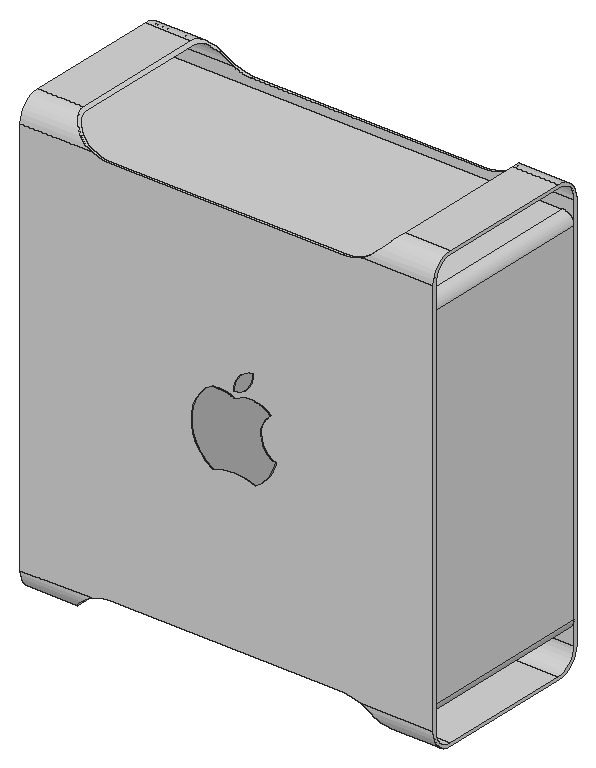
Revit family
Parameters
  Width = 0' - 8 13/128"
  Wall Thk = 0' - 0 1/8"
  Material Inner Case = Aluminium Hatch
  Material Case = Aluminium
  Length = 1' - 6 179/256"
  Height = 1' - 8 13/128"
Reference planes (in)
  plane 1 "Center (Front/Back)": y = 0
  plane 2: z = 0
  plane 3 "Center (Left/Right)": x = -7.97656
  plane 4: x = -17.32617
  plane 5: x = 1.37305
  plane 6: z = 20.10156
  plane 7: y = 4.05078
  plane 8: y = -4.05078
  plane 9: y = 3.92578
  plane 10: y = -3.92578
  plane 11: z = 19.97656
  plane 12: z = 0.125
  plane 13: z = 18.91406
  plane 14: z = 1.1875
  plane 15: x = -14.07617
  plane 16: x = -1.87695
  plane 17: z = 1.5625
  plane 18: z = 18.53906
Forms (in)
  Extrusion 1, solid, material "Aluminium" <- "Material Case"
    sketch origin (-7.97656, 0, 0) x (0, 1, 0) y (0, 0, 1)
      loop
        line (3.05078, 20.10156) -> (-3.05078, 20.10156)
        arc (-3.05078, 20.10156) -> (-3.75789, 19.80867) -> (-4.05078, 19.10156) r 1
        line (-4.05078, 19.10156) -> (-4.05078, 1)
        arc (-4.05078, 1) -> (-3.75789, 0.29289) -> (-3.05078, 0) r 1
        line (-3.05078, 0) -> (3.05078, 0)
        arc (3.05078, 0) -> (3.75789, 0.29289) -> (4.05078, 1) r 1
        line (4.05078, 1) -> (4.05078, 19.10156)
        arc (4.05078, 19.10156) -> (3.75789, 19.80867) -> (3.05078, 20.10156) r 1
      loop
        line (3.92578, 1) -> (3.92578, 19.10156)
        arc (3.92578, 19.10156) -> (3.6695, 19.72028) -> (3.05078, 19.97656) r 0.875
        line (3.05078, 19.97656) -> (-3.05078, 19.97656)
        arc (-3.05078, 19.97656) -> (-3.6695, 19.72028) -> (-3.92578, 19.10156) r 0.875
        line (-3.92578, 19.10156) -> (-3.92578, 1)
        arc (-3.92578, 1) -> (-3.6695, 0.38128) -> (-3.05078, 0.125) r 0.875
        line (-3.05078, 0.125) -> (3.05078, 0.125)
        arc (3.05078, 0.125) -> (3.6695, 0.38128) -> (3.92578, 1) r 0.875
    from -9.34961 to 9.34961
  Extrusion 2, void
    sketch origin (0, 0, 0) x (1, 0, 0) y (0, 0, 1)
      loop
        line (-13.24774, 18.91406) -> (-2.70538, 18.91406)
        arc (-2.70538, 18.91406) -> (-1.94001, 19.0663) -> (-1.29117, 19.49985) r 2
        line (-1.29117, 19.49985) -> (-0.68945, 20.10156) -> (-15.26367, 20.10156) -> (-14.66196, 19.49985)
        arc (-14.66196, 19.49985) -> (-14.01311, 19.0663) -> (-13.24774, 18.91406) r 2
    from -4.05078 to 4.05078
  Extrusion 3, void
    sketch origin (0, 0, 20.10156) x (1, 0, 0) y (0, 0, 1)
      loop
        arc (-13.24774, -18.91406) -> (-14.01311, -19.0663) -> (-14.66196, -19.49985) r 2
        line (-14.66196, -19.49985) -> (-15.26367, -20.10156) -> (-0.68945, -20.10156) -> (-1.29117, -19.49985)
        arc (-1.29117, -19.49985) -> (-1.94001, -19.0663) -> (-2.70538, -18.91406) r 2
        line (-2.70538, -18.91406) -> (-13.24774, -18.91406)
    from -4.05078 to 4.05078
  Extrusion 4, solid, material "Aluminium" <- "Material Case"
    sketch origin (0, 0, 0) x (1, 0, 0) y (0, 0, 1)
      loop
        line (-17.32617, 18.03906) -> (-17.32617, 2.0625)
        arc (-17.32617, 2.0625) -> (-17.17973, 1.70895) -> (-16.82617, 1.5625) r 0.5
        line (-16.82617, 1.5625) -> (0.87305, 1.5625)
        arc (0.87305, 1.5625) -> (1.2266, 1.70895) -> (1.37305, 2.0625) r 0.5
        line (1.37305, 2.0625) -> (1.37305, 18.03906)
        arc (1.37305, 18.03906) -> (1.2266, 18.39262) -> (0.87305, 18.53906) r 0.5
        line (0.87305, 18.53906) -> (-16.82617, 18.53906)
        arc (-16.82617, 18.53906) -> (-17.17973, 18.39262) -> (-17.32617, 18.03906) r 0.5
    from -3.92578 to 3.92578
  Extrusion 5, void
    sketch origin (0, 0, 0) x (1, 0, 0) y (0, 0, 1)
      loop
        arc (-8.61184, 11.56439) -> (-9.58398, 9.87143) -> (-8.60187, 8.18423) r 1.95019
        arc (-8.60187, 8.18423) -> (-7.6338, 8.36458) -> (-6.66574, 8.18423) r 2.68833
        arc (-6.66574, 8.18423) -> (-6.07631, 8.70353) -> (-5.7396, 9.41326) r 1.95019
        arc (-5.7396, 9.41326) -> (-6.42419, 10.25633) -> (-5.96389, 11.23997) r 1.02249
        arc (-5.96389, 11.23997) -> (-6.73254, 11.59403) -> (-7.55099, 11.37882) r 1.25328
        arc (-7.55099, 11.37882) -> (-8.06635, 11.55772) -> (-8.61184, 11.56439) r 1.7021
      loop
        arc (-7.65253, 11.66333) -> (-7.01425, 11.9914) -> (-6.80199, 12.67695) r 0.9261
        arc (-6.80199, 12.67695) -> (-7.42359, 12.33488) -> (-7.65253, 11.66333) r 0.98206
    from 3.92578 to 4.05078
  Extrusion 6, solid, material "Aluminium Dark"
    sketch origin (0, 0, 0) x (1, 0, 0) y (0, 0, 1)
      loop
        arc (-8.61184, 11.56439) -> (-9.58398, 9.87143) -> (-8.60187, 8.18423) r 1.95019
        arc (-8.60187, 8.18423) -> (-7.6338, 8.36458) -> (-6.66574, 8.18423) r 2.68833
        arc (-6.66574, 8.18423) -> (-6.07631, 8.70353) -> (-5.7396, 9.41326) r 1.95019
        arc (-5.7396, 9.41326) -> (-6.42419, 10.25633) -> (-5.96389, 11.23997) r 1.02249
        arc (-5.96389, 11.23997) -> (-6.73254, 11.59403) -> (-7.55099, 11.37882) r 1.25328
        arc (-7.55099, 11.37882) -> (-8.07648, 11.49983) -> (-8.61184, 11.56439) r 5.07452
      loop
        arc (-7.65253, 11.66333) -> (-7.01425, 11.9914) -> (-6.80199, 12.67695) r 0.9261
        arc (-6.80199, 12.67695) -> (-7.42359, 12.33488) -> (-7.65253, 11.66333) r 0.98206
    from 3.92578 to 4.05078
  Extrusion 7, solid, material "Aluminium Dark"
    sketch origin (0, 0, 0) x (1, 0, 0) y (0, 0, 1)
      loop
        arc (-7.01509, 11.54182) -> (-7.55045, 11.47726) -> (-8.07593, 11.35625) r 5.07452
        arc (-8.07593, 11.35625) -> (-8.89439, 11.57146) -> (-9.66304, 11.2174) r 1.25328
        arc (-9.66304, 11.2174) -> (-9.20274, 10.23375) -> (-9.88733, 9.39068) r 1.02249
        arc (-9.88733, 9.39068) -> (-9.55061, 8.68096) -> (-8.96119, 8.16166) r 1.95019
        arc (-8.96119, 8.16166) -> (-7.99313, 8.34201) -> (-7.02506, 8.16166) r 2.68833
        arc (-7.02506, 8.16166) -> (-6.04295, 9.84885) -> (-7.01509, 11.54182) r 1.95019
      loop
        arc (-7.9744, 11.64075) -> (-8.20333, 12.31231) -> (-8.82493, 12.65438) r 0.98206
        arc (-8.82493, 12.65438) -> (-8.61268, 11.96883) -> (-7.9744, 11.64075) r 0.9261
    from -4.05586 to -3.92578
  Extrusion 8, void
    sketch origin (0, 0, 0) x (1, 0, 0) y (0, 0, 1)
      loop
        arc (-7.01509, 11.54182) -> (-7.55045, 11.47726) -> (-8.07593, 11.35625) r 5.07452
        arc (-8.07593, 11.35625) -> (-8.89439, 11.57146) -> (-9.66304, 11.2174) r 1.25328
        arc (-9.66304, 11.2174) -> (-9.20274, 10.23375) -> (-9.88733, 9.39068) r 1.02249
        arc (-9.88733, 9.39068) -> (-9.55061, 8.68096) -> (-8.96119, 8.16166) r 1.95019
        arc (-8.96119, 8.16166) -> (-7.99313, 8.34201) -> (-7.02506, 8.16166) r 2.68833
        arc (-7.02506, 8.16166) -> (-6.04295, 9.84885) -> (-7.01509, 11.54182) r 1.95019
      loop
        arc (-7.9744, 11.64075) -> (-8.20333, 12.31231) -> (-8.82493, 12.65438) r 0.98206
        arc (-8.82493, 12.65438) -> (-8.61268, 11.96883) -> (-7.9744, 11.64075) r 0.9261
    from -4.05078 to -3.92578
Cuts and joins
  Extrusion 2, Extrusion 3, Extrusion 5 cuts Extrusion 1
  Extrusion 5, Extrusion 8 cuts Extrusion 4
Lines and regions (in)
  symbolic lines
    curve 1: line (-17.32617, 4.05078, 0) -> (1.37305, 4.05078, 0)
    curve 2: line (-17.32617, -4.05078, 0) -> (-17.32617, 4.05078, 0)
    curve 3: line (1.37305, -4.05078, 0) -> (-17.32617, -4.05078, 0)
    curve 4: line (1.37305, 4.05078, 0) -> (1.37305, -4.05078, 0)
    curve 5: line (-15.26367, -3.05078, 0) -> (-15.26367, 3.05078, 0)
    curve 6: line (-15.26367, 3.05078, 0) -> (-14.66196, 3.96804, 0)
    curve 7: line (-14.66196, -3.96804, 0) -> (-15.26367, -3.05078, 0)
    curve 8: line (-0.68945, -3.05078, 0) -> (-1.29117, -3.96804, 0)
    curve 9: line (-0.68945, 3.05078, 0) -> (-0.68945, -3.05078, 0)
    curve 10: line (-1.29117, 3.96804, 0) -> (-0.68945, 3.05078, 0)
Dimensions and locks (in)
  "Height": plane 6 to level
  equal spacing: plane 4, plane 3 "Center (Left/Right)", plane 5
  "Length": plane 4 to plane 5
  equal spacing: plane 8, plane 1 "Center (Front/Back)", plane 7
  "Width": plane 7 to plane 8
  "Wall Thk": plane 10 to plane 8
  "Wall Thk": plane 9 to plane 7
  "Wall Thk": plane 12 to level
  "Wall Thk": plane 6 to plane 11
  locked: plane 6 to plane 13 at 1.1875
  locked: plane 14 to level at 1.1875
  locked: plane 15 to plane 4 at 3.25
  locked: plane 16 to plane 5 at 3.25
  locked: plane 17 to plane 14 at 0.375
  locked: plane 13 to plane 18 at 0.375
  aligned and locked: plane 6 to Extrusion 1 sketch curve
  aligned and locked: Extrusion 1 sketch curve to plane 8
  aligned and locked: plane 9 to Extrusion 1 sketch curve
  aligned and locked: plane 12 to Extrusion 1 sketch curve
  aligned and locked: plane 10 to Extrusion 1 sketch curve
  aligned and locked: Extrusion 1 sketch curve to plane 11
  aligned and locked: Extrusion 1 to plane 4
  aligned and locked: Extrusion 1 to plane 5
  aligned and locked: Extrusion 2 to plane 7
  aligned and locked: Extrusion 2 to plane 8
  aligned and locked: Extrusion 4 to plane 9
  aligned and locked: Extrusion 4 to plane 10
  aligned and locked: Extrusion 5 to plane 8
  aligned and locked: plane 10 to Extrusion 5
  aligned and locked: plane 10 to Extrusion 6
  aligned and locked: Extrusion 6 to plane 8
  aligned and locked: plane 9 to Extrusion 7
  aligned and locked: plane 9 to Extrusion 8
  aligned and locked: Extrusion 8 to plane 7
  aligned and locked: curve 1 to cut or joined group of Extrusion 1, Extrusion 2, Extrusion 3, Extrusion 5  (x2)
  aligned and locked: cut or joined group of Extrusion 1, Extrusion 2, Extrusion 3, Extrusion 5 to curve 4
  aligned and locked: curve 4 to cut or joined group of Extrusion 1, Extrusion 2, Extrusion 3, Extrusion 5
Automatic sketch dimensions
  Extrusion 1 sketch curve to Extrusion 1 sketch curve = 0' - 0"  (x8)
  plane 10 to Extrusion 1 sketch curve = 0' - 0 7/8"  (x2)
  Extrusion 1 sketch curve to plane 14 = 0' - 0 3/16"
  plane 13 to Extrusion 1 sketch curve = 0' - 0 3/16"
  Extrusion 2 sketch curve to plane 6 = 0' - 0"
  Extrusion 2 sketch curve to plane 13 = 0' - 0"
  Extrusion 2 sketch curve to plane 15 = 0' - 1 3/16"
  Extrusion 2 sketch curve to plane 15 = 0' - 0.58579"
  plane 15 to Extrusion 2 sketch curve = 0' - 0.82843"
  plane 16 to Extrusion 2 sketch curve = 0' - 0.82843"
  Extrusion 2 sketch curve to plane 11 = 0' - 0.47671"
  Extrusion 2 sketch curve to plane 16 = 0' - 0.58579"
  Extrusion 2 sketch curve to Extrusion 2 sketch curve = 0' - 0.60171"
  Extrusion 2 sketch curve to plane 6 = 0' - 0.60171"
  plane 14 to Extrusion 3 sketch curve = 0' - 1 3/16"
  plane 15 to Extrusion 3 sketch curve = 0' - 1 3/16"
  plane 15 to Extrusion 3 sketch curve = 0' - 0.58579"
  plane 12 to Extrusion 3 sketch curve = 0' - 0 15/16"
  Extrusion 3 sketch curve to plane 15 = 0' - 0.82843"
  Extrusion 3 sketch curve to plane 16 = 0' - 0.82843"
  plane 16 to Extrusion 3 sketch curve = 0' - 0.58579"
  Extrusion 3 sketch curve to Extrusion 3 sketch curve = 0' - 0.60171"  (x2)
  plane 14 to Extrusion 3 sketch curve = 0' - 0.58579"
  Extrusion 4 sketch curve to plane 4 = 0' - 0"
  Extrusion 4 sketch curve to plane 17 = 0' - 0"
  Extrusion 4 sketch curve to plane 18 = 0' - 0"
  Extrusion 4 sketch curve to plane 5 = 0' - 0"
  plane 4 to Extrusion 4 sketch curve = 0' - 0 1/2"
  Extrusion 4 sketch curve to plane 15 = 0' - 2 3/4"
  plane 5 to Extrusion 4 sketch curve = 0' - 0 1/2"  (x2)
  Extrusion 5 sketch curve to Extrusion 5 sketch curve = 0' - 0"  (x2)
  Extrusion 5 sketch curve to plane 3 "Center (Left/Right)" = 0' - 0.63528"
  Extrusion 5 sketch curve to plane 3 "Center (Left/Right)" = 0' - 0.6253"
  Extrusion 5 sketch curve to plane 3 "Center (Left/Right)" = 0' - 0.38307"
  plane 3 "Center (Left/Right)" to Extrusion 5 sketch curve = 0' - 0.25288"
  plane 3 "Center (Left/Right)" to Extrusion 5 sketch curve = 0' - 0.32404"
  plane 3 "Center (Left/Right)" to Extrusion 5 sketch curve = 0' - 0.34276"  (x2)
  Extrusion 5 sketch curve to Extrusion 5 sketch curve = 0' - 0.10153"
  Extrusion 5 sketch curve to Extrusion 5 sketch curve = 0' - 0.79203"
  Extrusion 5 sketch curve to Extrusion 5 sketch curve = 0' - 0.92169"
  Extrusion 5 sketch curve to Extrusion 5 sketch curve = 0' - 0.8797"
  plane 3 "Center (Left/Right)" to Extrusion 5 sketch curve = 0' - 1.31083"
  Extrusion 5 sketch curve to Extrusion 5 sketch curve = 0' - 0.7074"
  Extrusion 5 sketch curve to Extrusion 5 sketch curve = 0' - 1.10217"
  Extrusion 5 sketch curve to Extrusion 5 sketch curve = 0' - 0.33028"
  plane 17 to Extrusion 5 sketch curve = 0' - 4.11375"
  Extrusion 5 sketch curve to Extrusion 5 sketch curve = 0' - 2.50798"
  Extrusion 5 sketch curve to Extrusion 5 sketch curve = 0' - 1.22903"
  Extrusion 5 sketch curve to Extrusion 5 sketch curve = 0' - 0 1/256"
  Extrusion 5 sketch curve to Extrusion 5 sketch curve = 0' - 0.46835"
  Extrusion 5 sketch curve to Extrusion 5 sketch curve = 0' - 0.2845"
  Extrusion 5 sketch curve to Extrusion 5 sketch curve = 0' - 0.46366"
  Extrusion 6 sketch curve to Extrusion 6 sketch curve = 0' - 0"  (x2)
  Extrusion 6 sketch curve to plane 3 "Center (Left/Right)" = 0' - 0.97429"
  Extrusion 6 sketch curve to plane 3 "Center (Left/Right)" = 0' - 0.63528"
  Extrusion 6 sketch curve to plane 3 "Center (Left/Right)" = 0' - 0.6253"
  plane 3 "Center (Left/Right)" to Extrusion 6 sketch curve = 0' - 0.25288"
  plane 3 "Center (Left/Right)" to Extrusion 6 sketch curve = 0' - 0.32404"
  plane 3 "Center (Left/Right)" to Extrusion 6 sketch curve = 0' - 0.34276"  (x2)
  Extrusion 6 sketch curve to Extrusion 6 sketch curve = 0' - 0.10153"
  Extrusion 6 sketch curve to Extrusion 6 sketch curve = 0' - 0.79203"
  Extrusion 6 sketch curve to Extrusion 6 sketch curve = 0' - 0.92169"
  Extrusion 6 sketch curve to Extrusion 6 sketch curve = 0' - 0.8797"
  plane 3 "Center (Left/Right)" to Extrusion 6 sketch curve = 0' - 1.31083"
  Extrusion 6 sketch curve to Extrusion 6 sketch curve = 0' - 0.7074"
  Extrusion 6 sketch curve to Extrusion 6 sketch curve = 0' - 1.10217"
  Extrusion 6 sketch curve to Extrusion 6 sketch curve = 0' - 0.33028"
  plane 17 to Extrusion 6 sketch curve = 0' - 4.11375"
  Extrusion 6 sketch curve to Extrusion 6 sketch curve = 0' - 0.82496"
  Extrusion 6 sketch curve to Extrusion 6 sketch curve = 0' - 1.68302"
  Extrusion 6 sketch curve to Extrusion 6 sketch curve = 0' - 1.22903"
  Extrusion 6 sketch curve to Extrusion 6 sketch curve = 0' - 0.46835"
  Extrusion 6 sketch curve to Extrusion 6 sketch curve = 0' - 0.2845"
  Extrusion 6 sketch curve to Extrusion 6 sketch curve = 0' - 0.46366"
  Extrusion 7 sketch curve to Extrusion 7 sketch curve = 0' - 0"  (x2)
  Extrusion 7 sketch curve to plane 3 "Center (Left/Right)" = 0' - 2.24105"
  Extrusion 7 sketch curve to Extrusion 7 sketch curve = 0' - 0.33028"
  Extrusion 7 sketch curve to Extrusion 7 sketch curve = 0' - 0.55457"
  Extrusion 7 sketch curve to plane 3 "Center (Left/Right)" = 0' - 0.98463"
  Extrusion 7 sketch curve to Extrusion 7 sketch curve = 0' - 0.7074"
  Extrusion 7 sketch curve to plane 3 "Center (Left/Right)" = 0' - 0.84837"
  Extrusion 7 sketch curve to plane 3 "Center (Left/Right)" = 0' - 0 207/256"
  Extrusion 7 sketch curve to plane 3 "Center (Left/Right)" = 0' - 0.09937"
  Extrusion 7 sketch curve to plane 3 "Center (Left/Right)" = 0' - 0.01656"  (x2)
  plane 3 "Center (Left/Right)" to Extrusion 7 sketch curve = 0' - 0.00216"
  plane 3 "Center (Left/Right)" to Extrusion 7 sketch curve = 0' - 0.07332"
  plane 3 "Center (Left/Right)" to Extrusion 7 sketch curve = 0' - 0.9515"
  plane 3 "Center (Left/Right)" to Extrusion 7 sketch curve = 0' - 0.96147"
  plane 3 "Center (Left/Right)" to Extrusion 7 sketch curve = 0' - 1.30049"
  plane 17 to Extrusion 7 sketch curve = 0' - 4.09117"
  Extrusion 7 sketch curve to Extrusion 7 sketch curve = 0' - 0.82496"
  Extrusion 7 sketch curve to Extrusion 7 sketch curve = 0' - 1.68302"
  Extrusion 7 sketch curve to Extrusion 7 sketch curve = 0' - 1.22903"
  Extrusion 7 sketch curve to Extrusion 7 sketch curve = 0' - 0.46835"
  Extrusion 7 sketch curve to Extrusion 7 sketch curve = 0' - 0.2845"
  Extrusion 7 sketch curve to Extrusion 7 sketch curve = 0' - 0.46366"
  Extrusion 8 sketch curve to Extrusion 8 sketch curve = 0' - 0"  (x2)
  Extrusion 8 sketch curve to plane 3 "Center (Left/Right)" = 0' - 2.24105"
  Extrusion 8 sketch curve to Extrusion 8 sketch curve = 0' - 0.33028"
  Extrusion 8 sketch curve to Extrusion 8 sketch curve = 0' - 0.55457"
  Extrusion 8 sketch curve to plane 3 "Center (Left/Right)" = 0' - 0.98463"
  Extrusion 8 sketch curve to Extrusion 8 sketch curve = 0' - 0.7074"
  Extrusion 8 sketch curve to plane 3 "Center (Left/Right)" = 0' - 0.84837"
  Extrusion 8 sketch curve to plane 3 "Center (Left/Right)" = 0' - 0 207/256"
  Extrusion 8 sketch curve to plane 3 "Center (Left/Right)" = 0' - 0.09937"
  Extrusion 8 sketch curve to plane 3 "Center (Left/Right)" = 0' - 0.01656"  (x2)
  plane 3 "Center (Left/Right)" to Extrusion 8 sketch curve = 0' - 0.00216"
  plane 3 "Center (Left/Right)" to Extrusion 8 sketch curve = 0' - 0.07332"
  plane 3 "Center (Left/Right)" to Extrusion 8 sketch curve = 0' - 0.9515"
  Extrusion 8 sketch curve to Extrusion 8 sketch curve = 0' - 0.95931"
  plane 3 "Center (Left/Right)" to Extrusion 8 sketch curve = 0' - 1.30049"
  plane 17 to Extrusion 8 sketch curve = 0' - 4.09117"
  Extrusion 8 sketch curve to Extrusion 8 sketch curve = 0' - 0.82496"
  Extrusion 8 sketch curve to Extrusion 8 sketch curve = 0' - 1.68302"
  Extrusion 8 sketch curve to Extrusion 8 sketch curve = 0' - 1.22903"
  Extrusion 8 sketch curve to Extrusion 8 sketch curve = 0' - 0.46835"
  Extrusion 8 sketch curve to Extrusion 8 sketch curve = 0' - 0.2845"
  Extrusion 8 sketch curve to Extrusion 8 sketch curve = 0' - 0.46366"
  curve 5 to plane 15 = 0' - 1 3/16"
  plane 10 to curve 5 = 0' - 0 7/8"
  plane 9 to curve 5 = 0' - 0 7/8"
  curve 6 to plane 9 = 0' - 0.04226"
  curve 6 to plane 15 = 0' - 0.58579"
  curve 7 to plane 10 = 0' - 0.04226"
  curve 7 to plane 15 = 0' - 0.58579"
  curve 8 to plane 10 = 0' - 0.04226"
  curve 8 to plane 16 = 0' - 0.58579"
  curve 8 to curve 8 = 0' - 0.60171"
  plane 10 to curve 8 = 0' - 0 7/8"
  plane 9 to curve 9 = 0' - 0 7/8"
  curve 10 to plane 9 = 0' - 0.04226"
  curve 10 to plane 16 = 0' - 0.58579"
